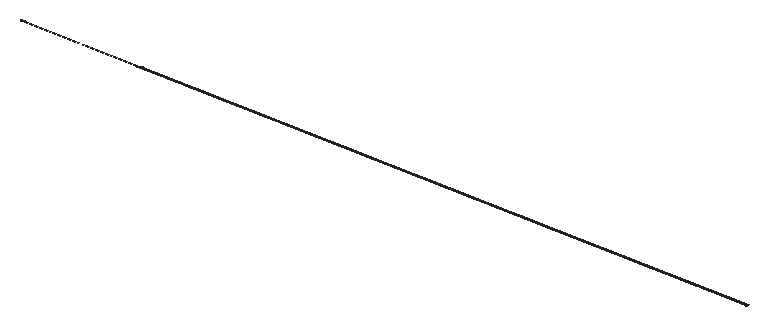
Revit family "0068176", category Lighting Fixtures, host Face, Revit 2017 (continued)
Forms (mm)
  Extrusion 66, solid
    sketch origin (2897.891, 0, 0) x (1, 0, 0) y (0, 1, 0)
      loop
        line (7.4, -1.7) -> (7.4, 1.7) -> (4.6, 1.7) -> (4.6, -1.7) -> (7.4, -1.7)
      loop
        line (15.7, -1.7) -> (15.7, 1.7) -> (12.9, 1.7) -> (12.9, -1.7) -> (15.7, -1.7)
      loop
        line (21.2, 1.7) -> (21.2, -1.7) -> (24, -1.7) -> (24, 1.7) -> (21.2, 1.7)
      loop
        line (32.3, -1.7) -> (32.3, 1.7) -> (29.5, 1.7) -> (29.5, -1.7) -> (32.3, -1.7)
      loop
        line (40.6, -1.7) -> (40.6, 1.7) -> (37.8, 1.7) -> (37.8, -1.7) -> (40.6, -1.7)
      loop
        line (48.9, -1.7) -> (48.9, 1.7) -> (46.1, 1.7) -> (46.1, -1.7) -> (48.9, -1.7)
    from -1.2 to 0
  Extrusion 67, solid
    sketch origin (2947.855, 0, 0) x (1, 0, 0) y (0, 1, 0)
      loop
        line (7.4, -1.7) -> (7.4, 1.7) -> (4.6, 1.7) -> (4.6, -1.7) -> (7.4, -1.7)
      loop
        line (15.7, -1.7) -> (15.7, 1.7) -> (12.9, 1.7) -> (12.9, -1.7) -> (15.7, -1.7)
      loop
        line (21.2, 1.7) -> (21.2, -1.7) -> (24, -1.7) -> (24, 1.7) -> (21.2, 1.7)
      loop
        line (32.3, -1.7) -> (32.3, 1.7) -> (29.5, 1.7) -> (29.5, -1.7) -> (32.3, -1.7)
      loop
        line (40.6, -1.7) -> (40.6, 1.7) -> (37.8, 1.7) -> (37.8, -1.7) -> (40.6, -1.7)
      loop
        line (48.9, -1.7) -> (48.9, 1.7) -> (46.1, 1.7) -> (46.1, -1.7) -> (48.9, -1.7)
    from -1.2 to 0
  Extrusion 68, solid
    sketch origin (2997.818, 0, 0) x (1, 0, 0) y (0, 1, 0)
      loop
        line (7.4, -1.7) -> (7.4, 1.7) -> (4.6, 1.7) -> (4.6, -1.7) -> (7.4, -1.7)
      loop
        line (15.7, -1.7) -> (15.7, 1.7) -> (12.9, 1.7) -> (12.9, -1.7) -> (15.7, -1.7)
      loop
        line (21.2, 1.7) -> (21.2, -1.7) -> (24, -1.7) -> (24, 1.7) -> (21.2, 1.7)
      loop
        line (32.3, -1.7) -> (32.3, 1.7) -> (29.5, 1.7) -> (29.5, -1.7) -> (32.3, -1.7)
      loop
        line (40.6, -1.7) -> (40.6, 1.7) -> (37.8, 1.7) -> (37.8, -1.7) -> (40.6, -1.7)
      loop
        line (48.9, -1.7) -> (48.9, 1.7) -> (46.1, 1.7) -> (46.1, -1.7) -> (48.9, -1.7)
    from -1.2 to 0
  Extrusion 69, solid
    sketch origin (3047.782, 0, 0) x (1, 0, 0) y (0, 1, 0)
      loop
        line (7.4, -1.7) -> (7.4, 1.7) -> (4.6, 1.7) -> (4.6, -1.7) -> (7.4, -1.7)
      loop
        line (15.7, -1.7) -> (15.7, 1.7) -> (12.9, 1.7) -> (12.9, -1.7) -> (15.7, -1.7)
      loop
        line (21.2, 1.7) -> (21.2, -1.7) -> (24, -1.7) -> (24, 1.7) -> (21.2, 1.7)
      loop
        line (32.3, -1.7) -> (32.3, 1.7) -> (29.5, 1.7) -> (29.5, -1.7) -> (32.3, -1.7)
      loop
        line (40.6, -1.7) -> (40.6, 1.7) -> (37.8, 1.7) -> (37.8, -1.7) -> (40.6, -1.7)
      loop
        line (48.9, -1.7) -> (48.9, 1.7) -> (46.1, 1.7) -> (46.1, -1.7) -> (48.9, -1.7)
    from -1.2 to 0
  Extrusion 70, solid
    sketch origin (3097.745, 0, 0) x (1, 0, 0) y (0, 1, 0)
      loop
        line (7.4, -1.7) -> (7.4, 1.7) -> (4.6, 1.7) -> (4.6, -1.7) -> (7.4, -1.7)
      loop
        line (15.7, -1.7) -> (15.7, 1.7) -> (12.9, 1.7) -> (12.9, -1.7) -> (15.7, -1.7)
      loop
        line (21.2, 1.7) -> (21.2, -1.7) -> (24, -1.7) -> (24, 1.7) -> (21.2, 1.7)
      loop
        line (32.3, -1.7) -> (32.3, 1.7) -> (29.5, 1.7) -> (29.5, -1.7) -> (32.3, -1.7)
      loop
        line (40.6, -1.7) -> (40.6, 1.7) -> (37.8, 1.7) -> (37.8, -1.7) -> (40.6, -1.7)
      loop
        line (48.9, -1.7) -> (48.9, 1.7) -> (46.1, 1.7) -> (46.1, -1.7) -> (48.9, -1.7)
    from -1.2 to 0
  Extrusion 71, solid
    sketch origin (3147.709, 0, 0) x (1, 0, 0) y (0, 1, 0)
      loop
        line (7.4, -1.7) -> (7.4, 1.7) -> (4.6, 1.7) -> (4.6, -1.7) -> (7.4, -1.7)
      loop
        line (15.7, -1.7) -> (15.7, 1.7) -> (12.9, 1.7) -> (12.9, -1.7) -> (15.7, -1.7)
      loop
        line (21.2, 1.7) -> (21.2, -1.7) -> (24, -1.7) -> (24, 1.7) -> (21.2, 1.7)
      loop
        line (32.3, -1.7) -> (32.3, 1.7) -> (29.5, 1.7) -> (29.5, -1.7) -> (32.3, -1.7)
      loop
        line (40.6, -1.7) -> (40.6, 1.7) -> (37.8, 1.7) -> (37.8, -1.7) -> (40.6, -1.7)
      loop
        line (48.9, -1.7) -> (48.9, 1.7) -> (46.1, 1.7) -> (46.1, -1.7) -> (48.9, -1.7)
    from -1.2 to 0
  Extrusion 72, solid
    sketch origin (3197.673, 0, 0) x (1, 0, 0) y (0, 1, 0)
      loop
        line (7.4, -1.7) -> (7.4, 1.7) -> (4.6, 1.7) -> (4.6, -1.7) -> (7.4, -1.7)
      loop
        line (15.7, -1.7) -> (15.7, 1.7) -> (12.9, 1.7) -> (12.9, -1.7) -> (15.7, -1.7)
      loop
        line (21.2, 1.7) -> (21.2, -1.7) -> (24, -1.7) -> (24, 1.7) -> (21.2, 1.7)
      loop
        line (32.3, -1.7) -> (32.3, 1.7) -> (29.5, 1.7) -> (29.5, -1.7) -> (32.3, -1.7)
      loop
        line (40.6, -1.7) -> (40.6, 1.7) -> (37.8, 1.7) -> (37.8, -1.7) -> (40.6, -1.7)
      loop
        line (48.9, -1.7) -> (48.9, 1.7) -> (46.1, 1.7) -> (46.1, -1.7) -> (48.9, -1.7)
    from -1.2 to 0
  Extrusion 73, solid
    sketch origin (3247.636, 0, 0) x (1, 0, 0) y (0, 1, 0)
      loop
        line (7.4, -1.7) -> (7.4, 1.7) -> (4.6, 1.7) -> (4.6, -1.7) -> (7.4, -1.7)
      loop
        line (15.7, -1.7) -> (15.7, 1.7) -> (12.9, 1.7) -> (12.9, -1.7) -> (15.7, -1.7)
      loop
        line (21.2, 1.7) -> (21.2, -1.7) -> (24, -1.7) -> (24, 1.7) -> (21.2, 1.7)
      loop
        line (32.3, -1.7) -> (32.3, 1.7) -> (29.5, 1.7) -> (29.5, -1.7) -> (32.3, -1.7)
      loop
        line (40.6, -1.7) -> (40.6, 1.7) -> (37.8, 1.7) -> (37.8, -1.7) -> (40.6, -1.7)
      loop
        line (48.9, -1.7) -> (48.9, 1.7) -> (46.1, 1.7) -> (46.1, -1.7) -> (48.9, -1.7)
    from -1.2 to 0
  Extrusion 74, solid
    sketch origin (3297.6, 0, 0) x (1, 0, 0) y (0, 1, 0)
      loop
        line (7.4, -1.7) -> (7.4, 1.7) -> (4.6, 1.7) -> (4.6, -1.7) -> (7.4, -1.7)
      loop
        line (15.7, -1.7) -> (15.7, 1.7) -> (12.9, 1.7) -> (12.9, -1.7) -> (15.7, -1.7)
      loop
        line (21.2, 1.7) -> (21.2, -1.7) -> (24, -1.7) -> (24, 1.7) -> (21.2, 1.7)
      loop
        line (32.3, -1.7) -> (32.3, 1.7) -> (29.5, 1.7) -> (29.5, -1.7) -> (32.3, -1.7)
      loop
        line (40.6, -1.7) -> (40.6, 1.7) -> (37.8, 1.7) -> (37.8, -1.7) -> (40.6, -1.7)
      loop
        line (48.9, -1.7) -> (48.9, 1.7) -> (46.1, 1.7) -> (46.1, -1.7) -> (48.9, -1.7)
    from -1.2 to 0
  Extrusion 75, solid
    sketch origin (3347.564, 0, 0) x (1, 0, 0) y (0, 1, 0)
      loop
        line (7.4, -1.7) -> (7.4, 1.7) -> (4.6, 1.7) -> (4.6, -1.7) -> (7.4, -1.7)
      loop
        line (15.7, -1.7) -> (15.7, 1.7) -> (12.9, 1.7) -> (12.9, -1.7) -> (15.7, -1.7)
      loop
        line (21.2, 1.7) -> (21.2, -1.7) -> (24, -1.7) -> (24, 1.7) -> (21.2, 1.7)
      loop
        line (32.3, -1.7) -> (32.3, 1.7) -> (29.5, 1.7) -> (29.5, -1.7) -> (32.3, -1.7)
      loop
        line (40.6, -1.7) -> (40.6, 1.7) -> (37.8, 1.7) -> (37.8, -1.7) -> (40.6, -1.7)
      loop
        line (48.9, -1.7) -> (48.9, 1.7) -> (46.1, 1.7) -> (46.1, -1.7) -> (48.9, -1.7)
    from -1.2 to 0
  Extrusion 76, solid
    sketch origin (3397.527, 0, 0) x (1, 0, 0) y (0, 1, 0)
      loop
        line (7.4, -1.7) -> (7.4, 1.7) -> (4.6, 1.7) -> (4.6, -1.7) -> (7.4, -1.7)
      loop
        line (15.7, -1.7) -> (15.7, 1.7) -> (12.9, 1.7) -> (12.9, -1.7) -> (15.7, -1.7)
      loop
        line (21.2, 1.7) -> (21.2, -1.7) -> (24, -1.7) -> (24, 1.7) -> (21.2, 1.7)
      loop
        line (32.3, -1.7) -> (32.3, 1.7) -> (29.5, 1.7) -> (29.5, -1.7) -> (32.3, -1.7)
      loop
        line (40.6, -1.7) -> (40.6, 1.7) -> (37.8, 1.7) -> (37.8, -1.7) -> (40.6, -1.7)
      loop
        line (48.9, -1.7) -> (48.9, 1.7) -> (46.1, 1.7) -> (46.1, -1.7) -> (48.9, -1.7)
    from -1.2 to 0
  Extrusion 77, solid
    sketch origin (3447.491, 0, 0) x (1, 0, 0) y (0, 1, 0)
      loop
        line (7.4, -1.7) -> (7.4, 1.7) -> (4.6, 1.7) -> (4.6, -1.7) -> (7.4, -1.7)
      loop
        line (15.7, -1.7) -> (15.7, 1.7) -> (12.9, 1.7) -> (12.9, -1.7) -> (15.7, -1.7)
      loop
        line (21.2, 1.7) -> (21.2, -1.7) -> (24, -1.7) -> (24, 1.7) -> (21.2, 1.7)
      loop
        line (32.3, -1.7) -> (32.3, 1.7) -> (29.5, 1.7) -> (29.5, -1.7) -> (32.3, -1.7)
      loop
        line (40.6, -1.7) -> (40.6, 1.7) -> (37.8, 1.7) -> (37.8, -1.7) -> (40.6, -1.7)
      loop
        line (48.9, -1.7) -> (48.9, 1.7) -> (46.1, 1.7) -> (46.1, -1.7) -> (48.9, -1.7)
    from -1.2 to 0
  Extrusion 78, solid
    sketch origin (3497.455, 0, 0) x (1, 0, 0) y (0, 1, 0)
      loop
        line (7.4, -1.7) -> (7.4, 1.7) -> (4.6, 1.7) -> (4.6, -1.7) -> (7.4, -1.7)
      loop
        line (15.7, -1.7) -> (15.7, 1.7) -> (12.9, 1.7) -> (12.9, -1.7) -> (15.7, -1.7)
      loop
        line (21.2, 1.7) -> (21.2, -1.7) -> (24, -1.7) -> (24, 1.7) -> (21.2, 1.7)
      loop
        line (32.3, -1.7) -> (32.3, 1.7) -> (29.5, 1.7) -> (29.5, -1.7) -> (32.3, -1.7)
      loop
        line (40.6, -1.7) -> (40.6, 1.7) -> (37.8, 1.7) -> (37.8, -1.7) -> (40.6, -1.7)
      loop
        line (48.9, -1.7) -> (48.9, 1.7) -> (46.1, 1.7) -> (46.1, -1.7) -> (48.9, -1.7)
    from -1.2 to 0
  Extrusion 79, solid
    sketch origin (3547.418, 0, 0) x (1, 0, 0) y (0, 1, 0)
      loop
        line (7.4, -1.7) -> (7.4, 1.7) -> (4.6, 1.7) -> (4.6, -1.7) -> (7.4, -1.7)
      loop
        line (15.7, -1.7) -> (15.7, 1.7) -> (12.9, 1.7) -> (12.9, -1.7) -> (15.7, -1.7)
      loop
        line (21.2, 1.7) -> (21.2, -1.7) -> (24, -1.7) -> (24, 1.7) -> (21.2, 1.7)
      loop
        line (32.3, -1.7) -> (32.3, 1.7) -> (29.5, 1.7) -> (29.5, -1.7) -> (32.3, -1.7)
      loop
        line (40.6, -1.7) -> (40.6, 1.7) -> (37.8, 1.7) -> (37.8, -1.7) -> (40.6, -1.7)
      loop
        line (48.9, -1.7) -> (48.9, 1.7) -> (46.1, 1.7) -> (46.1, -1.7) -> (48.9, -1.7)
    from -1.2 to 0
  Extrusion 80, solid
    sketch origin (3597.382, 0, 0) x (1, 0, 0) y (0, 1, 0)
      loop
        line (7.4, -1.7) -> (7.4, 1.7) -> (4.6, 1.7) -> (4.6, -1.7) -> (7.4, -1.7)
      loop
        line (15.7, -1.7) -> (15.7, 1.7) -> (12.9, 1.7) -> (12.9, -1.7) -> (15.7, -1.7)
      loop
        line (21.2, 1.7) -> (21.2, -1.7) -> (24, -1.7) -> (24, 1.7) -> (21.2, 1.7)
      loop
        line (32.3, -1.7) -> (32.3, 1.7) -> (29.5, 1.7) -> (29.5, -1.7) -> (32.3, -1.7)
      loop
        line (40.6, -1.7) -> (40.6, 1.7) -> (37.8, 1.7) -> (37.8, -1.7) -> (40.6, -1.7)
      loop
        line (48.9, -1.7) -> (48.9, 1.7) -> (46.1, 1.7) -> (46.1, -1.7) -> (48.9, -1.7)
    from -1.2 to 0
  Extrusion 81, solid
    sketch origin (3647.345, 0, 0) x (1, 0, 0) y (0, 1, 0)
      loop
        line (7.4, -1.7) -> (7.4, 1.7) -> (4.6, 1.7) -> (4.6, -1.7) -> (7.4, -1.7)
      loop
        line (15.7, -1.7) -> (15.7, 1.7) -> (12.9, 1.7) -> (12.9, -1.7) -> (15.7, -1.7)
      loop
        line (21.2, 1.7) -> (21.2, -1.7) -> (24, -1.7) -> (24, 1.7) -> (21.2, 1.7)
      loop
        line (32.3, -1.7) -> (32.3, 1.7) -> (29.5, 1.7) -> (29.5, -1.7) -> (32.3, -1.7)
      loop
        line (40.6, -1.7) -> (40.6, 1.7) -> (37.8, 1.7) -> (37.8, -1.7) -> (40.6, -1.7)
      loop
        line (48.9, -1.7) -> (48.9, 1.7) -> (46.1, 1.7) -> (46.1, -1.7) -> (48.9, -1.7)
    from -1.2 to 0
  Extrusion 82, solid
    sketch origin (3697.309, 0, 0) x (1, 0, 0) y (0, 1, 0)
      loop
        line (7.4, -1.7) -> (7.4, 1.7) -> (4.6, 1.7) -> (4.6, -1.7) -> (7.4, -1.7)
      loop
        line (15.7, -1.7) -> (15.7, 1.7) -> (12.9, 1.7) -> (12.9, -1.7) -> (15.7, -1.7)
      loop
        line (21.2, 1.7) -> (21.2, -1.7) -> (24, -1.7) -> (24, 1.7) -> (21.2, 1.7)
      loop
        line (32.3, -1.7) -> (32.3, 1.7) -> (29.5, 1.7) -> (29.5, -1.7) -> (32.3, -1.7)
      loop
        line (40.6, -1.7) -> (40.6, 1.7) -> (37.8, 1.7) -> (37.8, -1.7) -> (40.6, -1.7)
      loop
        line (48.9, -1.7) -> (48.9, 1.7) -> (46.1, 1.7) -> (46.1, -1.7) -> (48.9, -1.7)
    from -1.2 to 0
  Extrusion 83, solid
    sketch origin (3747.273, 0, 0) x (1, 0, 0) y (0, 1, 0)
      loop
        line (7.4, -1.7) -> (7.4, 1.7) -> (4.6, 1.7) -> (4.6, -1.7) -> (7.4, -1.7)
      loop
        line (15.7, -1.7) -> (15.7, 1.7) -> (12.9, 1.7) -> (12.9, -1.7) -> (15.7, -1.7)
      loop
        line (21.2, 1.7) -> (21.2, -1.7) -> (24, -1.7) -> (24, 1.7) -> (21.2, 1.7)
      loop
        line (32.3, -1.7) -> (32.3, 1.7) -> (29.5, 1.7) -> (29.5, -1.7) -> (32.3, -1.7)
      loop
        line (40.6, -1.7) -> (40.6, 1.7) -> (37.8, 1.7) -> (37.8, -1.7) -> (40.6, -1.7)
      loop
        line (48.9, -1.7) -> (48.9, 1.7) -> (46.1, 1.7) -> (46.1, -1.7) -> (48.9, -1.7)
    from -1.2 to 0
  Extrusion 84, solid
    sketch origin (3797.236, 0, 0) x (1, 0, 0) y (0, 1, 0)
      loop
        line (7.4, -1.7) -> (7.4, 1.7) -> (4.6, 1.7) -> (4.6, -1.7) -> (7.4, -1.7)
      loop
        line (15.7, -1.7) -> (15.7, 1.7) -> (12.9, 1.7) -> (12.9, -1.7) -> (15.7, -1.7)
      loop
        line (21.2, 1.7) -> (21.2, -1.7) -> (24, -1.7) -> (24, 1.7) -> (21.2, 1.7)
      loop
        line (32.3, -1.7) -> (32.3, 1.7) -> (29.5, 1.7) -> (29.5, -1.7) -> (32.3, -1.7)
      loop
        line (40.6, -1.7) -> (40.6, 1.7) -> (37.8, 1.7) -> (37.8, -1.7) -> (40.6, -1.7)
      loop
        line (48.9, -1.7) -> (48.9, 1.7) -> (46.1, 1.7) -> (46.1, -1.7) -> (48.9, -1.7)
    from -1.2 to 0
  Extrusion 85, solid
    sketch origin (3847.2, 0, 0) x (1, 0, 0) y (0, 1, 0)
      loop
        line (7.4, -1.7) -> (7.4, 1.7) -> (4.6, 1.7) -> (4.6, -1.7) -> (7.4, -1.7)
      loop
        line (15.7, -1.7) -> (15.7, 1.7) -> (12.9, 1.7) -> (12.9, -1.7) -> (15.7, -1.7)
      loop
        line (21.2, 1.7) -> (21.2, -1.7) -> (24, -1.7) -> (24, 1.7) -> (21.2, 1.7)
      loop
        line (32.3, -1.7) -> (32.3, 1.7) -> (29.5, 1.7) -> (29.5, -1.7) -> (32.3, -1.7)
      loop
        line (40.6, -1.7) -> (40.6, 1.7) -> (37.8, 1.7) -> (37.8, -1.7) -> (40.6, -1.7)
      loop
        line (48.9, -1.7) -> (48.9, 1.7) -> (46.1, 1.7) -> (46.1, -1.7) -> (48.9, -1.7)
    from -1.2 to 0
  Extrusion 86, solid
    sketch origin (3897.164, 0, 0) x (1, 0, 0) y (0, 1, 0)
      loop
        line (7.4, -1.7) -> (7.4, 1.7) -> (4.6, 1.7) -> (4.6, -1.7) -> (7.4, -1.7)
      loop
        line (15.7, -1.7) -> (15.7, 1.7) -> (12.9, 1.7) -> (12.9, -1.7) -> (15.7, -1.7)
      loop
        line (21.2, 1.7) -> (21.2, -1.7) -> (24, -1.7) -> (24, 1.7) -> (21.2, 1.7)
      loop
        line (32.3, -1.7) -> (32.3, 1.7) -> (29.5, 1.7) -> (29.5, -1.7) -> (32.3, -1.7)
      loop
        line (40.6, -1.7) -> (40.6, 1.7) -> (37.8, 1.7) -> (37.8, -1.7) -> (40.6, -1.7)
      loop
        line (48.9, -1.7) -> (48.9, 1.7) -> (46.1, 1.7) -> (46.1, -1.7) -> (48.9, -1.7)
    from -1.2 to 0
  Extrusion 87, solid
    sketch origin (3947.127, 0, 0) x (1, 0, 0) y (0, 1, 0)
      loop
        line (7.4, -1.7) -> (7.4, 1.7) -> (4.6, 1.7) -> (4.6, -1.7) -> (7.4, -1.7)
      loop
        line (15.7, -1.7) -> (15.7, 1.7) -> (12.9, 1.7) -> (12.9, -1.7) -> (15.7, -1.7)
      loop
        line (21.2, 1.7) -> (21.2, -1.7) -> (24, -1.7) -> (24, 1.7) -> (21.2, 1.7)
      loop
        line (32.3, -1.7) -> (32.3, 1.7) -> (29.5, 1.7) -> (29.5, -1.7) -> (32.3, -1.7)
      loop
        line (40.6, -1.7) -> (40.6, 1.7) -> (37.8, 1.7) -> (37.8, -1.7) -> (40.6, -1.7)
      loop
        line (48.9, -1.7) -> (48.9, 1.7) -> (46.1, 1.7) -> (46.1, -1.7) -> (48.9, -1.7)
    from -1.2 to 0
  Extrusion 88, solid
    sketch origin (3997.091, 0, 0) x (1, 0, 0) y (0, 1, 0)
      loop
        line (7.4, -1.7) -> (7.4, 1.7) -> (4.6, 1.7) -> (4.6, -1.7) -> (7.4, -1.7)
      loop
        line (15.7, -1.7) -> (15.7, 1.7) -> (12.9, 1.7) -> (12.9, -1.7) -> (15.7, -1.7)
      loop
        line (21.2, 1.7) -> (21.2, -1.7) -> (24, -1.7) -> (24, 1.7) -> (21.2, 1.7)
      loop
        line (32.3, -1.7) -> (32.3, 1.7) -> (29.5, 1.7) -> (29.5, -1.7) -> (32.3, -1.7)
      loop
        line (40.6, -1.7) -> (40.6, 1.7) -> (37.8, 1.7) -> (37.8, -1.7) -> (40.6, -1.7)
      loop
        line (48.9, -1.7) -> (48.9, 1.7) -> (46.1, 1.7) -> (46.1, -1.7) -> (48.9, -1.7)
    from -1.2 to 0
  Extrusion 89, solid
    sketch origin (4047.055, 0, 0) x (1, 0, 0) y (0, 1, 0)
      loop
        line (7.4, -1.7) -> (7.4, 1.7) -> (4.6, 1.7) -> (4.6, -1.7) -> (7.4, -1.7)
      loop
        line (15.7, -1.7) -> (15.7, 1.7) -> (12.9, 1.7) -> (12.9, -1.7) -> (15.7, -1.7)
      loop
        line (21.2, 1.7) -> (21.2, -1.7) -> (24, -1.7) -> (24, 1.7) -> (21.2, 1.7)
      loop
        line (32.3, -1.7) -> (32.3, 1.7) -> (29.5, 1.7) -> (29.5, -1.7) -> (32.3, -1.7)
      loop
        line (40.6, -1.7) -> (40.6, 1.7) -> (37.8, 1.7) -> (37.8, -1.7) -> (40.6, -1.7)
      loop
        line (48.9, -1.7) -> (48.9, 1.7) -> (46.1, 1.7) -> (46.1, -1.7) -> (48.9, -1.7)
    from -1.2 to 0
  Extrusion 90, solid
    sketch origin (4097.018, 0, 0) x (1, 0, 0) y (0, 1, 0)
      loop
        line (7.4, -1.7) -> (7.4, 1.7) -> (4.6, 1.7) -> (4.6, -1.7) -> (7.4, -1.7)
      loop
        line (15.7, -1.7) -> (15.7, 1.7) -> (12.9, 1.7) -> (12.9, -1.7) -> (15.7, -1.7)
      loop
        line (21.2, 1.7) -> (21.2, -1.7) -> (24, -1.7) -> (24, 1.7) -> (21.2, 1.7)
      loop
        line (32.3, -1.7) -> (32.3, 1.7) -> (29.5, 1.7) -> (29.5, -1.7) -> (32.3, -1.7)
      loop
        line (40.6, -1.7) -> (40.6, 1.7) -> (37.8, 1.7) -> (37.8, -1.7) -> (40.6, -1.7)
      loop
        line (48.9, -1.7) -> (48.9, 1.7) -> (46.1, 1.7) -> (46.1, -1.7) -> (48.9, -1.7)
    from -1.2 to 0
  Extrusion 91, solid
    sketch origin (4146.982, 0, 0) x (1, 0, 0) y (0, 1, 0)
      loop
        line (7.4, -1.7) -> (7.4, 1.7) -> (4.6, 1.7) -> (4.6, -1.7) -> (7.4, -1.7)
      loop
        line (15.7, -1.7) -> (15.7, 1.7) -> (12.9, 1.7) -> (12.9, -1.7) -> (15.7, -1.7)
      loop
        line (21.2, 1.7) -> (21.2, -1.7) -> (24, -1.7) -> (24, 1.7) -> (21.2, 1.7)
      loop
        line (32.3, -1.7) -> (32.3, 1.7) -> (29.5, 1.7) -> (29.5, -1.7) -> (32.3, -1.7)
      loop
        line (40.6, -1.7) -> (40.6, 1.7) -> (37.8, 1.7) -> (37.8, -1.7) -> (40.6, -1.7)
      loop
        line (48.9, -1.7) -> (48.9, 1.7) -> (46.1, 1.7) -> (46.1, -1.7) -> (48.9, -1.7)
    from -1.2 to 0
  Extrusion 92, solid
    sketch origin (4196.945, 0, 0) x (1, 0, 0) y (0, 1, 0)
      loop
        line (7.4, -1.7) -> (7.4, 1.7) -> (4.6, 1.7) -> (4.6, -1.7) -> (7.4, -1.7)
      loop
        line (15.7, -1.7) -> (15.7, 1.7) -> (12.9, 1.7) -> (12.9, -1.7) -> (15.7, -1.7)
      loop
        line (21.2, 1.7) -> (21.2, -1.7) -> (24, -1.7) -> (24, 1.7) -> (21.2, 1.7)
      loop
        line (32.3, -1.7) -> (32.3, 1.7) -> (29.5, 1.7) -> (29.5, -1.7) -> (32.3, -1.7)
      loop
        line (40.6, -1.7) -> (40.6, 1.7) -> (37.8, 1.7) -> (37.8, -1.7) -> (40.6, -1.7)
      loop
        line (48.9, -1.7) -> (48.9, 1.7) -> (46.1, 1.7) -> (46.1, -1.7) -> (48.9, -1.7)
    from -1.2 to 0
  Extrusion 93, solid
    sketch origin (4246.909, 0, 0) x (1, 0, 0) y (0, 1, 0)
      loop
        line (7.4, -1.7) -> (7.4, 1.7) -> (4.6, 1.7) -> (4.6, -1.7) -> (7.4, -1.7)
      loop
        line (15.7, -1.7) -> (15.7, 1.7) -> (12.9, 1.7) -> (12.9, -1.7) -> (15.7, -1.7)
      loop
        line (21.2, 1.7) -> (21.2, -1.7) -> (24, -1.7) -> (24, 1.7) -> (21.2, 1.7)
      loop
        line (32.3, -1.7) -> (32.3, 1.7) -> (29.5, 1.7) -> (29.5, -1.7) -> (32.3, -1.7)
      loop
        line (40.6, -1.7) -> (40.6, 1.7) -> (37.8, 1.7) -> (37.8, -1.7) -> (40.6, -1.7)
      loop
        line (48.9, -1.7) -> (48.9, 1.7) -> (46.1, 1.7) -> (46.1, -1.7) -> (48.9, -1.7)
    from -1.2 to 0
  Extrusion 94, solid
    sketch origin (4296.873, 0, 0) x (1, 0, 0) y (0, 1, 0)
      loop
        line (7.4, -1.7) -> (7.4, 1.7) -> (4.6, 1.7) -> (4.6, -1.7) -> (7.4, -1.7)
      loop
        line (15.7, -1.7) -> (15.7, 1.7) -> (12.9, 1.7) -> (12.9, -1.7) -> (15.7, -1.7)
      loop
        line (21.2, 1.7) -> (21.2, -1.7) -> (24, -1.7) -> (24, 1.7) -> (21.2, 1.7)
      loop
        line (32.3, -1.7) -> (32.3, 1.7) -> (29.5, 1.7) -> (29.5, -1.7) -> (32.3, -1.7)
      loop
        line (40.6, -1.7) -> (40.6, 1.7) -> (37.8, 1.7) -> (37.8, -1.7) -> (40.6, -1.7)
      loop
        line (48.9, -1.7) -> (48.9, 1.7) -> (46.1, 1.7) -> (46.1, -1.7) -> (48.9, -1.7)
    from -1.2 to 0
  Extrusion 95, solid
    sketch origin (4346.836, 0, 0) x (1, 0, 0) y (0, 1, 0)
      loop
        line (7.4, -1.7) -> (7.4, 1.7) -> (4.6, 1.7) -> (4.6, -1.7) -> (7.4, -1.7)
      loop
        line (15.7, -1.7) -> (15.7, 1.7) -> (12.9, 1.7) -> (12.9, -1.7) -> (15.7, -1.7)
      loop
        line (21.2, 1.7) -> (21.2, -1.7) -> (24, -1.7) -> (24, 1.7) -> (21.2, 1.7)
      loop
        line (32.3, -1.7) -> (32.3, 1.7) -> (29.5, 1.7) -> (29.5, -1.7) -> (32.3, -1.7)
      loop
        line (40.6, -1.7) -> (40.6, 1.7) -> (37.8, 1.7) -> (37.8, -1.7) -> (40.6, -1.7)
      loop
        line (48.9, -1.7) -> (48.9, 1.7) -> (46.1, 1.7) -> (46.1, -1.7) -> (48.9, -1.7)
    from -1.2 to 0
  Extrusion 96, solid
    sketch origin (4396.8, 0, 0) x (1, 0, 0) y (0, 1, 0)
      loop
        line (7.4, -1.7) -> (7.4, 1.7) -> (4.6, 1.7) -> (4.6, -1.7) -> (7.4, -1.7)
      loop
        line (15.7, -1.7) -> (15.7, 1.7) -> (12.9, 1.7) -> (12.9, -1.7) -> (15.7, -1.7)
      loop
        line (21.2, 1.7) -> (21.2, -1.7) -> (24, -1.7) -> (24, 1.7) -> (21.2, 1.7)
      loop
        line (32.3, -1.7) -> (32.3, 1.7) -> (29.5, 1.7) -> (29.5, -1.7) -> (32.3, -1.7)
      loop
        line (40.6, -1.7) -> (40.6, 1.7) -> (37.8, 1.7) -> (37.8, -1.7) -> (40.6, -1.7)
      loop
        line (48.9, -1.7) -> (48.9, 1.7) -> (46.1, 1.7) -> (46.1, -1.7) -> (48.9, -1.7)
    from -1.2 to 0
  Extrusion 97, solid
    sketch origin (4446.764, 0, 0) x (1, 0, 0) y (0, 1, 0)
      loop
        line (7.4, -1.7) -> (7.4, 1.7) -> (4.6, 1.7) -> (4.6, -1.7) -> (7.4, -1.7)
      loop
        line (15.7, -1.7) -> (15.7, 1.7) -> (12.9, 1.7) -> (12.9, -1.7) -> (15.7, -1.7)
      loop
        line (21.2, 1.7) -> (21.2, -1.7) -> (24, -1.7) -> (24, 1.7) -> (21.2, 1.7)
      loop
        line (32.3, -1.7) -> (32.3, 1.7) -> (29.5, 1.7) -> (29.5, -1.7) -> (32.3, -1.7)
      loop
        line (40.6, -1.7) -> (40.6, 1.7) -> (37.8, 1.7) -> (37.8, -1.7) -> (40.6, -1.7)
      loop
        line (48.9, -1.7) -> (48.9, 1.7) -> (46.1, 1.7) -> (46.1, -1.7) -> (48.9, -1.7)
    from -1.2 to 0
  Extrusion 98, solid
    sketch origin (4496.727, 0, 0) x (1, 0, 0) y (0, 1, 0)
      loop
        line (7.4, -1.7) -> (7.4, 1.7) -> (4.6, 1.7) -> (4.6, -1.7) -> (7.4, -1.7)
      loop
        line (15.7, -1.7) -> (15.7, 1.7) -> (12.9, 1.7) -> (12.9, -1.7) -> (15.7, -1.7)
      loop
        line (21.2, 1.7) -> (21.2, -1.7) -> (24, -1.7) -> (24, 1.7) -> (21.2, 1.7)
      loop
        line (32.3, -1.7) -> (32.3, 1.7) -> (29.5, 1.7) -> (29.5, -1.7) -> (32.3, -1.7)
      loop
        line (40.6, -1.7) -> (40.6, 1.7) -> (37.8, 1.7) -> (37.8, -1.7) -> (40.6, -1.7)
      loop
        line (48.9, -1.7) -> (48.9, 1.7) -> (46.1, 1.7) -> (46.1, -1.7) -> (48.9, -1.7)
    from -1.2 to 0
  Extrusion 99, solid
    sketch origin (4546.691, 0, 0) x (1, 0, 0) y (0, 1, 0)
      loop
        line (7.4, -1.7) -> (7.4, 1.7) -> (4.6, 1.7) -> (4.6, -1.7) -> (7.4, -1.7)
      loop
        line (15.7, -1.7) -> (15.7, 1.7) -> (12.9, 1.7) -> (12.9, -1.7) -> (15.7, -1.7)
      loop
        line (21.2, 1.7) -> (21.2, -1.7) -> (24, -1.7) -> (24, 1.7) -> (21.2, 1.7)
      loop
        line (32.3, -1.7) -> (32.3, 1.7) -> (29.5, 1.7) -> (29.5, -1.7) -> (32.3, -1.7)
      loop
        line (40.6, -1.7) -> (40.6, 1.7) -> (37.8, 1.7) -> (37.8, -1.7) -> (40.6, -1.7)
      loop
        line (48.9, -1.7) -> (48.9, 1.7) -> (46.1, 1.7) -> (46.1, -1.7) -> (48.9, -1.7)
    from -1.2 to 0
  Extrusion 100, solid
    sketch origin (4596.655, 0, 0) x (1, 0, 0) y (0, 1, 0)
      loop
        line (7.4, -1.7) -> (7.4, 1.7) -> (4.6, 1.7) -> (4.6, -1.7) -> (7.4, -1.7)
      loop
        line (15.7, -1.7) -> (15.7, 1.7) -> (12.9, 1.7) -> (12.9, -1.7) -> (15.7, -1.7)
      loop
        line (21.2, 1.7) -> (21.2, -1.7) -> (24, -1.7) -> (24, 1.7) -> (21.2, 1.7)
      loop
        line (32.3, -1.7) -> (32.3, 1.7) -> (29.5, 1.7) -> (29.5, -1.7) -> (32.3, -1.7)
      loop
        line (40.6, -1.7) -> (40.6, 1.7) -> (37.8, 1.7) -> (37.8, -1.7) -> (40.6, -1.7)
      loop
        line (48.9, -1.7) -> (48.9, 1.7) -> (46.1, 1.7) -> (46.1, -1.7) -> (48.9, -1.7)
    from -1.2 to 0
  Extrusion 101, solid
    sketch origin (4646.618, 0, 0) x (1, 0, 0) y (0, 1, 0)
      loop
        line (7.4, -1.7) -> (7.4, 1.7) -> (4.6, 1.7) -> (4.6, -1.7) -> (7.4, -1.7)
      loop
        line (15.7, -1.7) -> (15.7, 1.7) -> (12.9, 1.7) -> (12.9, -1.7) -> (15.7, -1.7)
      loop
        line (21.2, 1.7) -> (21.2, -1.7) -> (24, -1.7) -> (24, 1.7) -> (21.2, 1.7)
      loop
        line (32.3, -1.7) -> (32.3, 1.7) -> (29.5, 1.7) -> (29.5, -1.7) -> (32.3, -1.7)
      loop
        line (40.6, -1.7) -> (40.6, 1.7) -> (37.8, 1.7) -> (37.8, -1.7) -> (40.6, -1.7)
      loop
        line (48.9, -1.7) -> (48.9, 1.7) -> (46.1, 1.7) -> (46.1, -1.7) -> (48.9, -1.7)
    from -1.2 to 0
  Extrusion 102, solid
    sketch origin (4696.582, 0, 0) x (1, 0, 0) y (0, 1, 0)
      loop
        line (7.4, -1.7) -> (7.4, 1.7) -> (4.6, 1.7) -> (4.6, -1.7) -> (7.4, -1.7)
      loop
        line (15.7, -1.7) -> (15.7, 1.7) -> (12.9, 1.7) -> (12.9, -1.7) -> (15.7, -1.7)
      loop
        line (21.2, 1.7) -> (21.2, -1.7) -> (24, -1.7) -> (24, 1.7) -> (21.2, 1.7)
      loop
        line (32.3, -1.7) -> (32.3, 1.7) -> (29.5, 1.7) -> (29.5, -1.7) -> (32.3, -1.7)
      loop
        line (40.6, -1.7) -> (40.6, 1.7) -> (37.8, 1.7) -> (37.8, -1.7) -> (40.6, -1.7)
      loop
        line (48.9, -1.7) -> (48.9, 1.7) -> (46.1, 1.7) -> (46.1, -1.7) -> (48.9, -1.7)
    from -1.2 to 0
  Extrusion 103, solid
    sketch origin (4746.545, 0, 0) x (1, 0, 0) y (0, 1, 0)
      loop
        line (7.4, -1.7) -> (7.4, 1.7) -> (4.6, 1.7) -> (4.6, -1.7) -> (7.4, -1.7)
      loop
        line (15.7, -1.7) -> (15.7, 1.7) -> (12.9, 1.7) -> (12.9, -1.7) -> (15.7, -1.7)
      loop
        line (21.2, 1.7) -> (21.2, -1.7) -> (24, -1.7) -> (24, 1.7) -> (21.2, 1.7)
      loop
        line (32.3, -1.7) -> (32.3, 1.7) -> (29.5, 1.7) -> (29.5, -1.7) -> (32.3, -1.7)
      loop
        line (40.6, -1.7) -> (40.6, 1.7) -> (37.8, 1.7) -> (37.8, -1.7) -> (40.6, -1.7)
      loop
        line (48.9, -1.7) -> (48.9, 1.7) -> (46.1, 1.7) -> (46.1, -1.7) -> (48.9, -1.7)
    from -1.2 to 0
  Extrusion 104, solid
    sketch origin (4796.509, 0, 0) x (1, 0, 0) y (0, 1, 0)
      loop
        line (7.4, -1.7) -> (7.4, 1.7) -> (4.6, 1.7) -> (4.6, -1.7) -> (7.4, -1.7)
      loop
        line (15.7, -1.7) -> (15.7, 1.7) -> (12.9, 1.7) -> (12.9, -1.7) -> (15.7, -1.7)
      loop
        line (21.2, 1.7) -> (21.2, -1.7) -> (24, -1.7) -> (24, 1.7) -> (21.2, 1.7)
      loop
        line (32.3, -1.7) -> (32.3, 1.7) -> (29.5, 1.7) -> (29.5, -1.7) -> (32.3, -1.7)
      loop
        line (40.6, -1.7) -> (40.6, 1.7) -> (37.8, 1.7) -> (37.8, -1.7) -> (40.6, -1.7)
      loop
        line (48.9, -1.7) -> (48.9, 1.7) -> (46.1, 1.7) -> (46.1, -1.7) -> (48.9, -1.7)
    from -1.2 to 0
  Extrusion 105, solid
    sketch origin (4846.473, 0, 0) x (1, 0, 0) y (0, 1, 0)
      loop
        line (7.4, -1.7) -> (7.4, 1.7) -> (4.6, 1.7) -> (4.6, -1.7) -> (7.4, -1.7)
      loop
        line (15.7, -1.7) -> (15.7, 1.7) -> (12.9, 1.7) -> (12.9, -1.7) -> (15.7, -1.7)
      loop
        line (21.2, 1.7) -> (21.2, -1.7) -> (24, -1.7) -> (24, 1.7) -> (21.2, 1.7)
      loop
        line (32.3, -1.7) -> (32.3, 1.7) -> (29.5, 1.7) -> (29.5, -1.7) -> (32.3, -1.7)
      loop
        line (40.6, -1.7) -> (40.6, 1.7) -> (37.8, 1.7) -> (37.8, -1.7) -> (40.6, -1.7)
      loop
        line (48.9, -1.7) -> (48.9, 1.7) -> (46.1, 1.7) -> (46.1, -1.7) -> (48.9, -1.7)
    from -1.2 to 0
  Extrusion 106, solid
    sketch origin (4896.436, 0, 0) x (1, 0, 0) y (0, 1, 0)
      loop
        line (7.4, -1.7) -> (7.4, 1.7) -> (4.6, 1.7) -> (4.6, -1.7) -> (7.4, -1.7)
      loop
        line (15.7, -1.7) -> (15.7, 1.7) -> (12.9, 1.7) -> (12.9, -1.7) -> (15.7, -1.7)
      loop
        line (21.2, 1.7) -> (21.2, -1.7) -> (24, -1.7) -> (24, 1.7) -> (21.2, 1.7)
      loop
        line (32.3, -1.7) -> (32.3, 1.7) -> (29.5, 1.7) -> (29.5, -1.7) -> (32.3, -1.7)
      loop
        line (40.6, -1.7) -> (40.6, 1.7) -> (37.8, 1.7) -> (37.8, -1.7) -> (40.6, -1.7)
      loop
        line (48.9, -1.7) -> (48.9, 1.7) -> (46.1, 1.7) -> (46.1, -1.7) -> (48.9, -1.7)
    from -1.2 to 0
  Extrusion 107, solid
    sketch origin (4946.4, 0, 0) x (1, 0, 0) y (0, 1, 0)
      loop
        line (9.1, 1.5) -> (9.1, -1.5) -> (11.2, -1.5) -> (11.2, 1.5) -> (9.1, 1.5)
      loop
        line (17.4, 1.5) -> (17.4, -1.5) -> (19.5, -1.5) -> (19.5, 1.5) -> (17.4, 1.5)
      loop
        line (34, 1.5) -> (34, -1.5) -> (36.1, -1.5) -> (36.1, 1.5) -> (34, 1.5)
      loop
        line (42.3, 1.5) -> (42.3, -1.5) -> (44.4, -1.5) -> (44.4, 1.5) -> (42.3, 1.5)
    from -1.2 to -0.5
  Extrusion 108, solid
    sketch origin (49.964, 0, 0) x (1, 0, 0) y (0, 1, 0)
      loop
        line (9.1, 1.5) -> (9.1, -1.5) -> (11.2, -1.5) -> (11.2, 1.5) -> (9.1, 1.5)
      loop
        line (17.4, 1.5) -> (17.4, -1.5) -> (19.5, -1.5) -> (19.5, 1.5) -> (17.4, 1.5)
      loop
        line (34, 1.5) -> (34, -1.5) -> (36.1, -1.5) -> (36.1, 1.5) -> (34, 1.5)
      loop
        line (42.3, 1.5) -> (42.3, -1.5) -> (44.4, -1.5) -> (44.4, 1.5) -> (42.3, 1.5)
    from -1.2 to -0.5
  Extrusion 109, solid
    sketch origin (99.927, 0, 0) x (1, 0, 0) y (0, 1, 0)
      loop
        line (9.1, 1.5) -> (9.1, -1.5) -> (11.2, -1.5) -> (11.2, 1.5) -> (9.1, 1.5)
      loop
        line (17.4, 1.5) -> (17.4, -1.5) -> (19.5, -1.5) -> (19.5, 1.5) -> (17.4, 1.5)
      loop
        line (34, 1.5) -> (34, -1.5) -> (36.1, -1.5) -> (36.1, 1.5) -> (34, 1.5)
      loop
        line (42.3, 1.5) -> (42.3, -1.5) -> (44.4, -1.5) -> (44.4, 1.5) -> (42.3, 1.5)
    from -1.2 to -0.5
  Extrusion 110, solid
    sketch origin (149.891, 0, 0) x (1, 0, 0) y (0, 1, 0)
      loop
        line (9.1, 1.5) -> (9.1, -1.5) -> (11.2, -1.5) -> (11.2, 1.5) -> (9.1, 1.5)
      loop
        line (17.4, 1.5) -> (17.4, -1.5) -> (19.5, -1.5) -> (19.5, 1.5) -> (17.4, 1.5)
      loop
        line (34, 1.5) -> (34, -1.5) -> (36.1, -1.5) -> (36.1, 1.5) -> (34, 1.5)
      loop
        line (42.3, 1.5) -> (42.3, -1.5) -> (44.4, -1.5) -> (44.4, 1.5) -> (42.3, 1.5)
    from -1.2 to -0.5
  Extrusion 111, solid
    sketch origin (199.855, 0, 0) x (1, 0, 0) y (0, 1, 0)
      loop
        line (9.1, 1.5) -> (9.1, -1.5) -> (11.2, -1.5) -> (11.2, 1.5) -> (9.1, 1.5)
      loop
        line (17.4, 1.5) -> (17.4, -1.5) -> (19.5, -1.5) -> (19.5, 1.5) -> (17.4, 1.5)
      loop
        line (34, 1.5) -> (34, -1.5) -> (36.1, -1.5) -> (36.1, 1.5) -> (34, 1.5)
      loop
        line (42.3, 1.5) -> (42.3, -1.5) -> (44.4, -1.5) -> (44.4, 1.5) -> (42.3, 1.5)
    from -1.2 to -0.5
  Extrusion 112, solid
    sketch origin (249.818, 0, 0) x (1, 0, 0) y (0, 1, 0)
      loop
        line (9.1, 1.5) -> (9.1, -1.5) -> (11.2, -1.5) -> (11.2, 1.5) -> (9.1, 1.5)
      loop
        line (17.4, 1.5) -> (17.4, -1.5) -> (19.5, -1.5) -> (19.5, 1.5) -> (17.4, 1.5)
      loop
        line (34, 1.5) -> (34, -1.5) -> (36.1, -1.5) -> (36.1, 1.5) -> (34, 1.5)
      loop
        line (42.3, 1.5) -> (42.3, -1.5) -> (44.4, -1.5) -> (44.4, 1.5) -> (42.3, 1.5)
    from -1.2 to -0.5
  Extrusion 113, solid
    sketch origin (299.782, 0, 0) x (1, 0, 0) y (0, 1, 0)
      loop
        line (9.1, 1.5) -> (9.1, -1.5) -> (11.2, -1.5) -> (11.2, 1.5) -> (9.1, 1.5)
      loop
        line (17.4, 1.5) -> (17.4, -1.5) -> (19.5, -1.5) -> (19.5, 1.5) -> (17.4, 1.5)
      loop
        line (34, 1.5) -> (34, -1.5) -> (36.1, -1.5) -> (36.1, 1.5) -> (34, 1.5)
      loop
        line (42.3, 1.5) -> (42.3, -1.5) -> (44.4, -1.5) -> (44.4, 1.5) -> (42.3, 1.5)
    from -1.2 to -0.5
  Extrusion 114, solid
    sketch origin (349.745, 0, 0) x (1, 0, 0) y (0, 1, 0)
      loop
        line (9.1, 1.5) -> (9.1, -1.5) -> (11.2, -1.5) -> (11.2, 1.5) -> (9.1, 1.5)
      loop
        line (17.4, 1.5) -> (17.4, -1.5) -> (19.5, -1.5) -> (19.5, 1.5) -> (17.4, 1.5)
      loop
        line (34, 1.5) -> (34, -1.5) -> (36.1, -1.5) -> (36.1, 1.5) -> (34, 1.5)
      loop
        line (42.3, 1.5) -> (42.3, -1.5) -> (44.4, -1.5) -> (44.4, 1.5) -> (42.3, 1.5)
    from -1.2 to -0.5
  Extrusion 115, solid
    sketch origin (399.709, 0, 0) x (1, 0, 0) y (0, 1, 0)
      loop
        line (9.1, 1.5) -> (9.1, -1.5) -> (11.2, -1.5) -> (11.2, 1.5) -> (9.1, 1.5)
      loop
        line (17.4, 1.5) -> (17.4, -1.5) -> (19.5, -1.5) -> (19.5, 1.5) -> (17.4, 1.5)
      loop
        line (34, 1.5) -> (34, -1.5) -> (36.1, -1.5) -> (36.1, 1.5) -> (34, 1.5)
      loop
        line (42.3, 1.5) -> (42.3, -1.5) -> (44.4, -1.5) -> (44.4, 1.5) -> (42.3, 1.5)
    from -1.2 to -0.5
  Extrusion 116, solid
    sketch origin (449.673, 0, 0) x (1, 0, 0) y (0, 1, 0)
      loop
        line (9.1, 1.5) -> (9.1, -1.5) -> (11.2, -1.5) -> (11.2, 1.5) -> (9.1, 1.5)
      loop
        line (17.4, 1.5) -> (17.4, -1.5) -> (19.5, -1.5) -> (19.5, 1.5) -> (17.4, 1.5)
      loop
        line (34, 1.5) -> (34, -1.5) -> (36.1, -1.5) -> (36.1, 1.5) -> (34, 1.5)
      loop
        line (42.3, 1.5) -> (42.3, -1.5) -> (44.4, -1.5) -> (44.4, 1.5) -> (42.3, 1.5)
    from -1.2 to -0.5
  Extrusion 117, solid
    sketch origin (499.636, 0, 0) x (1, 0, 0) y (0, 1, 0)
      loop
        line (9.1, 1.5) -> (9.1, -1.5) -> (11.2, -1.5) -> (11.2, 1.5) -> (9.1, 1.5)
      loop
        line (17.4, 1.5) -> (17.4, -1.5) -> (19.5, -1.5) -> (19.5, 1.5) -> (17.4, 1.5)
      loop
        line (34, 1.5) -> (34, -1.5) -> (36.1, -1.5) -> (36.1, 1.5) -> (34, 1.5)
      loop
        line (42.3, 1.5) -> (42.3, -1.5) -> (44.4, -1.5) -> (44.4, 1.5) -> (42.3, 1.5)
    from -1.2 to -0.5
  Extrusion 118, solid
    sketch origin (549.6, 0, 0) x (1, 0, 0) y (0, 1, 0)
      loop
        line (9.1, 1.5) -> (9.1, -1.5) -> (11.2, -1.5) -> (11.2, 1.5) -> (9.1, 1.5)
      loop
        line (17.4, 1.5) -> (17.4, -1.5) -> (19.5, -1.5) -> (19.5, 1.5) -> (17.4, 1.5)
      loop
        line (34, 1.5) -> (34, -1.5) -> (36.1, -1.5) -> (36.1, 1.5) -> (34, 1.5)
      loop
        line (42.3, 1.5) -> (42.3, -1.5) -> (44.4, -1.5) -> (44.4, 1.5) -> (42.3, 1.5)
    from -1.2 to -0.5
  Extrusion 119, solid
    sketch origin (599.564, 0, 0) x (1, 0, 0) y (0, 1, 0)
      loop
        line (9.1, 1.5) -> (9.1, -1.5) -> (11.2, -1.5) -> (11.2, 1.5) -> (9.1, 1.5)
      loop
        line (17.4, 1.5) -> (17.4, -1.5) -> (19.5, -1.5) -> (19.5, 1.5) -> (17.4, 1.5)
      loop
        line (34, 1.5) -> (34, -1.5) -> (36.1, -1.5) -> (36.1, 1.5) -> (34, 1.5)
      loop
        line (42.3, 1.5) -> (42.3, -1.5) -> (44.4, -1.5) -> (44.4, 1.5) -> (42.3, 1.5)
    from -1.2 to -0.5
  Extrusion 120, solid
    sketch origin (649.527, 0, 0) x (1, 0, 0) y (0, 1, 0)
      loop
        line (9.1, 1.5) -> (9.1, -1.5) -> (11.2, -1.5) -> (11.2, 1.5) -> (9.1, 1.5)
      loop
        line (17.4, 1.5) -> (17.4, -1.5) -> (19.5, -1.5) -> (19.5, 1.5) -> (17.4, 1.5)
      loop
        line (34, 1.5) -> (34, -1.5) -> (36.1, -1.5) -> (36.1, 1.5) -> (34, 1.5)
      loop
        line (42.3, 1.5) -> (42.3, -1.5) -> (44.4, -1.5) -> (44.4, 1.5) -> (42.3, 1.5)
    from -1.2 to -0.5
  Extrusion 121, solid
    sketch origin (699.491, 0, 0) x (1, 0, 0) y (0, 1, 0)
      loop
        line (9.1, 1.5) -> (9.1, -1.5) -> (11.2, -1.5) -> (11.2, 1.5) -> (9.1, 1.5)
      loop
        line (17.4, 1.5) -> (17.4, -1.5) -> (19.5, -1.5) -> (19.5, 1.5) -> (17.4, 1.5)
      loop
        line (34, 1.5) -> (34, -1.5) -> (36.1, -1.5) -> (36.1, 1.5) -> (34, 1.5)
      loop
        line (42.3, 1.5) -> (42.3, -1.5) -> (44.4, -1.5) -> (44.4, 1.5) -> (42.3, 1.5)
    from -1.2 to -0.5
  Extrusion 122, solid
    sketch origin (749.455, 0, 0) x (1, 0, 0) y (0, 1, 0)
      loop
        line (9.1, 1.5) -> (9.1, -1.5) -> (11.2, -1.5) -> (11.2, 1.5) -> (9.1, 1.5)
      loop
        line (17.4, 1.5) -> (17.4, -1.5) -> (19.5, -1.5) -> (19.5, 1.5) -> (17.4, 1.5)
      loop
        line (34, 1.5) -> (34, -1.5) -> (36.1, -1.5) -> (36.1, 1.5) -> (34, 1.5)
      loop
        line (42.3, 1.5) -> (42.3, -1.5) -> (44.4, -1.5) -> (44.4, 1.5) -> (42.3, 1.5)
    from -1.2 to -0.5
  Extrusion 123, solid
    sketch origin (799.418, 0, 0) x (1, 0, 0) y (0, 1, 0)
      loop
        line (9.1, 1.5) -> (9.1, -1.5) -> (11.2, -1.5) -> (11.2, 1.5) -> (9.1, 1.5)
      loop
        line (17.4, 1.5) -> (17.4, -1.5) -> (19.5, -1.5) -> (19.5, 1.5) -> (17.4, 1.5)
      loop
        line (34, 1.5) -> (34, -1.5) -> (36.1, -1.5) -> (36.1, 1.5) -> (34, 1.5)
      loop
        line (42.3, 1.5) -> (42.3, -1.5) -> (44.4, -1.5) -> (44.4, 1.5) -> (42.3, 1.5)
    from -1.2 to -0.5
  Extrusion 124, solid
    sketch origin (849.382, 0, 0) x (1, 0, 0) y (0, 1, 0)
      loop
        line (9.1, 1.5) -> (9.1, -1.5) -> (11.2, -1.5) -> (11.2, 1.5) -> (9.1, 1.5)
      loop
        line (17.4, 1.5) -> (17.4, -1.5) -> (19.5, -1.5) -> (19.5, 1.5) -> (17.4, 1.5)
      loop
        line (34, 1.5) -> (34, -1.5) -> (36.1, -1.5) -> (36.1, 1.5) -> (34, 1.5)
      loop
        line (42.3, 1.5) -> (42.3, -1.5) -> (44.4, -1.5) -> (44.4, 1.5) -> (42.3, 1.5)
    from -1.2 to -0.5
  Extrusion 125, solid
    sketch origin (899.345, 0, 0) x (1, 0, 0) y (0, 1, 0)
      loop
        line (9.1, 1.5) -> (9.1, -1.5) -> (11.2, -1.5) -> (11.2, 1.5) -> (9.1, 1.5)
      loop
        line (17.4, 1.5) -> (17.4, -1.5) -> (19.5, -1.5) -> (19.5, 1.5) -> (17.4, 1.5)
      loop
        line (34, 1.5) -> (34, -1.5) -> (36.1, -1.5) -> (36.1, 1.5) -> (34, 1.5)
      loop
        line (42.3, 1.5) -> (42.3, -1.5) -> (44.4, -1.5) -> (44.4, 1.5) -> (42.3, 1.5)
    from -1.2 to -0.5
  Extrusion 126, solid
    sketch origin (949.309, 0, 0) x (1, 0, 0) y (0, 1, 0)
      loop
        line (9.1, 1.5) -> (9.1, -1.5) -> (11.2, -1.5) -> (11.2, 1.5) -> (9.1, 1.5)
      loop
        line (17.4, 1.5) -> (17.4, -1.5) -> (19.5, -1.5) -> (19.5, 1.5) -> (17.4, 1.5)
      loop
        line (34, 1.5) -> (34, -1.5) -> (36.1, -1.5) -> (36.1, 1.5) -> (34, 1.5)
      loop
        line (42.3, 1.5) -> (42.3, -1.5) -> (44.4, -1.5) -> (44.4, 1.5) -> (42.3, 1.5)
    from -1.2 to -0.5
  Extrusion 127, solid
    sketch origin (999.273, 0, 0) x (1, 0, 0) y (0, 1, 0)
      loop
        line (9.1, 1.5) -> (9.1, -1.5) -> (11.2, -1.5) -> (11.2, 1.5) -> (9.1, 1.5)
      loop
        line (17.4, 1.5) -> (17.4, -1.5) -> (19.5, -1.5) -> (19.5, 1.5) -> (17.4, 1.5)
      loop
        line (34, 1.5) -> (34, -1.5) -> (36.1, -1.5) -> (36.1, 1.5) -> (34, 1.5)
      loop
        line (42.3, 1.5) -> (42.3, -1.5) -> (44.4, -1.5) -> (44.4, 1.5) -> (42.3, 1.5)
    from -1.2 to -0.5
  Extrusion 128, solid
    sketch origin (1049.236, 0, 0) x (1, 0, 0) y (0, 1, 0)
      loop
        line (9.1, 1.5) -> (9.1, -1.5) -> (11.2, -1.5) -> (11.2, 1.5) -> (9.1, 1.5)
      loop
        line (17.4, 1.5) -> (17.4, -1.5) -> (19.5, -1.5) -> (19.5, 1.5) -> (17.4, 1.5)
      loop
        line (34, 1.5) -> (34, -1.5) -> (36.1, -1.5) -> (36.1, 1.5) -> (34, 1.5)
      loop
        line (42.3, 1.5) -> (42.3, -1.5) -> (44.4, -1.5) -> (44.4, 1.5) -> (42.3, 1.5)
    from -1.2 to -0.5
  Extrusion 129, solid
    sketch origin (1099.2, 0, 0) x (1, 0, 0) y (0, 1, 0)
      loop
        line (9.1, 1.5) -> (9.1, -1.5) -> (11.2, -1.5) -> (11.2, 1.5) -> (9.1, 1.5)
      loop
        line (17.4, 1.5) -> (17.4, -1.5) -> (19.5, -1.5) -> (19.5, 1.5) -> (17.4, 1.5)
      loop
        line (34, 1.5) -> (34, -1.5) -> (36.1, -1.5) -> (36.1, 1.5) -> (34, 1.5)
      loop
        line (42.3, 1.5) -> (42.3, -1.5) -> (44.4, -1.5) -> (44.4, 1.5) -> (42.3, 1.5)
    from -1.2 to -0.5
  Extrusion 130, solid
    sketch origin (1149.164, 0, 0) x (1, 0, 0) y (0, 1, 0)
      loop
        line (9.1, 1.5) -> (9.1, -1.5) -> (11.2, -1.5) -> (11.2, 1.5) -> (9.1, 1.5)
      loop
        line (17.4, 1.5) -> (17.4, -1.5) -> (19.5, -1.5) -> (19.5, 1.5) -> (17.4, 1.5)
      loop
        line (34, 1.5) -> (34, -1.5) -> (36.1, -1.5) -> (36.1, 1.5) -> (34, 1.5)
      loop
        line (42.3, 1.5) -> (42.3, -1.5) -> (44.4, -1.5) -> (44.4, 1.5) -> (42.3, 1.5)
    from -1.2 to -0.5
  Extrusion 131, solid
    sketch origin (1199.127, 0, 0) x (1, 0, 0) y (0, 1, 0)
      loop
        line (9.1, 1.5) -> (9.1, -1.5) -> (11.2, -1.5) -> (11.2, 1.5) -> (9.1, 1.5)
      loop
        line (17.4, 1.5) -> (17.4, -1.5) -> (19.5, -1.5) -> (19.5, 1.5) -> (17.4, 1.5)
      loop
        line (34, 1.5) -> (34, -1.5) -> (36.1, -1.5) -> (36.1, 1.5) -> (34, 1.5)
      loop
        line (42.3, 1.5) -> (42.3, -1.5) -> (44.4, -1.5) -> (44.4, 1.5) -> (42.3, 1.5)
    from -1.2 to -0.5
  Extrusion 132, solid
    sketch origin (1249.091, 0, 0) x (1, 0, 0) y (0, 1, 0)
      loop
        line (9.1, 1.5) -> (9.1, -1.5) -> (11.2, -1.5) -> (11.2, 1.5) -> (9.1, 1.5)
      loop
        line (17.4, 1.5) -> (17.4, -1.5) -> (19.5, -1.5) -> (19.5, 1.5) -> (17.4, 1.5)
      loop
        line (34, 1.5) -> (34, -1.5) -> (36.1, -1.5) -> (36.1, 1.5) -> (34, 1.5)
      loop
        line (42.3, 1.5) -> (42.3, -1.5) -> (44.4, -1.5) -> (44.4, 1.5) -> (42.3, 1.5)
    from -1.2 to -0.5
  Extrusion 133, solid
    sketch origin (1299.055, 0, 0) x (1, 0, 0) y (0, 1, 0)
      loop
        line (9.1, 1.5) -> (9.1, -1.5) -> (11.2, -1.5) -> (11.2, 1.5) -> (9.1, 1.5)
      loop
        line (17.4, 1.5) -> (17.4, -1.5) -> (19.5, -1.5) -> (19.5, 1.5) -> (17.4, 1.5)
      loop
        line (34, 1.5) -> (34, -1.5) -> (36.1, -1.5) -> (36.1, 1.5) -> (34, 1.5)
      loop
        line (42.3, 1.5) -> (42.3, -1.5) -> (44.4, -1.5) -> (44.4, 1.5) -> (42.3, 1.5)
    from -1.2 to -0.5
  Extrusion 134, solid
    sketch origin (1349.018, 0, 0) x (1, 0, 0) y (0, 1, 0)
      loop
        line (9.1, 1.5) -> (9.1, -1.5) -> (11.2, -1.5) -> (11.2, 1.5) -> (9.1, 1.5)
      loop
        line (17.4, 1.5) -> (17.4, -1.5) -> (19.5, -1.5) -> (19.5, 1.5) -> (17.4, 1.5)
      loop
        line (34, 1.5) -> (34, -1.5) -> (36.1, -1.5) -> (36.1, 1.5) -> (34, 1.5)
      loop
        line (42.3, 1.5) -> (42.3, -1.5) -> (44.4, -1.5) -> (44.4, 1.5) -> (42.3, 1.5)
    from -1.2 to -0.5
  Extrusion 135, solid
    sketch origin (1398.982, 0, 0) x (1, 0, 0) y (0, 1, 0)
      loop
        line (9.1, 1.5) -> (9.1, -1.5) -> (11.2, -1.5) -> (11.2, 1.5) -> (9.1, 1.5)
      loop
        line (17.4, 1.5) -> (17.4, -1.5) -> (19.5, -1.5) -> (19.5, 1.5) -> (17.4, 1.5)
      loop
        line (34, 1.5) -> (34, -1.5) -> (36.1, -1.5) -> (36.1, 1.5) -> (34, 1.5)
      loop
        line (42.3, 1.5) -> (42.3, -1.5) -> (44.4, -1.5) -> (44.4, 1.5) -> (42.3, 1.5)
    from -1.2 to -0.5
  Extrusion 136, solid
    sketch origin (1448.945, 0, 0) x (1, 0, 0) y (0, 1, 0)
      loop
        line (9.1, 1.5) -> (9.1, -1.5) -> (11.2, -1.5) -> (11.2, 1.5) -> (9.1, 1.5)
      loop
        line (17.4, 1.5) -> (17.4, -1.5) -> (19.5, -1.5) -> (19.5, 1.5) -> (17.4, 1.5)
      loop
        line (34, 1.5) -> (34, -1.5) -> (36.1, -1.5) -> (36.1, 1.5) -> (34, 1.5)
      loop
        line (42.3, 1.5) -> (42.3, -1.5) -> (44.4, -1.5) -> (44.4, 1.5) -> (42.3, 1.5)
    from -1.2 to -0.5
  Extrusion 137, solid
    sketch origin (1498.909, 0, 0) x (1, 0, 0) y (0, 1, 0)
      loop
        line (9.1, 1.5) -> (9.1, -1.5) -> (11.2, -1.5) -> (11.2, 1.5) -> (9.1, 1.5)
      loop
        line (17.4, 1.5) -> (17.4, -1.5) -> (19.5, -1.5) -> (19.5, 1.5) -> (17.4, 1.5)
      loop
        line (34, 1.5) -> (34, -1.5) -> (36.1, -1.5) -> (36.1, 1.5) -> (34, 1.5)
      loop
        line (42.3, 1.5) -> (42.3, -1.5) -> (44.4, -1.5) -> (44.4, 1.5) -> (42.3, 1.5)
    from -1.2 to -0.5
  Extrusion 138, solid
    sketch origin (1548.873, 0, 0) x (1, 0, 0) y (0, 1, 0)
      loop
        line (9.1, 1.5) -> (9.1, -1.5) -> (11.2, -1.5) -> (11.2, 1.5) -> (9.1, 1.5)
      loop
        line (17.4, 1.5) -> (17.4, -1.5) -> (19.5, -1.5) -> (19.5, 1.5) -> (17.4, 1.5)
      loop
        line (34, 1.5) -> (34, -1.5) -> (36.1, -1.5) -> (36.1, 1.5) -> (34, 1.5)
      loop
        line (42.3, 1.5) -> (42.3, -1.5) -> (44.4, -1.5) -> (44.4, 1.5) -> (42.3, 1.5)
    from -1.2 to -0.5
  Extrusion 139, solid
    sketch origin (1598.836, 0, 0) x (1, 0, 0) y (0, 1, 0)
      loop
        line (9.1, 1.5) -> (9.1, -1.5) -> (11.2, -1.5) -> (11.2, 1.5) -> (9.1, 1.5)
      loop
        line (17.4, 1.5) -> (17.4, -1.5) -> (19.5, -1.5) -> (19.5, 1.5) -> (17.4, 1.5)
      loop
        line (34, 1.5) -> (34, -1.5) -> (36.1, -1.5) -> (36.1, 1.5) -> (34, 1.5)
      loop
        line (42.3, 1.5) -> (42.3, -1.5) -> (44.4, -1.5) -> (44.4, 1.5) -> (42.3, 1.5)
    from -1.2 to -0.5
  Extrusion 140, solid
    sketch origin (1648.8, 0, 0) x (1, 0, 0) y (0, 1, 0)
      loop
        line (9.1, 1.5) -> (9.1, -1.5) -> (11.2, -1.5) -> (11.2, 1.5) -> (9.1, 1.5)
      loop
        line (17.4, 1.5) -> (17.4, -1.5) -> (19.5, -1.5) -> (19.5, 1.5) -> (17.4, 1.5)
      loop
        line (34, 1.5) -> (34, -1.5) -> (36.1, -1.5) -> (36.1, 1.5) -> (34, 1.5)
      loop
        line (42.3, 1.5) -> (42.3, -1.5) -> (44.4, -1.5) -> (44.4, 1.5) -> (42.3, 1.5)
    from -1.2 to -0.5
  Extrusion 141, solid
    sketch origin (1698.764, 0, 0) x (1, 0, 0) y (0, 1, 0)
      loop
        line (9.1, 1.5) -> (9.1, -1.5) -> (11.2, -1.5) -> (11.2, 1.5) -> (9.1, 1.5)
      loop
        line (17.4, 1.5) -> (17.4, -1.5) -> (19.5, -1.5) -> (19.5, 1.5) -> (17.4, 1.5)
      loop
        line (34, 1.5) -> (34, -1.5) -> (36.1, -1.5) -> (36.1, 1.5) -> (34, 1.5)
      loop
        line (42.3, 1.5) -> (42.3, -1.5) -> (44.4, -1.5) -> (44.4, 1.5) -> (42.3, 1.5)
    from -1.2 to -0.5
  Extrusion 142, solid
    sketch origin (1748.727, 0, 0) x (1, 0, 0) y (0, 1, 0)
      loop
        line (9.1, 1.5) -> (9.1, -1.5) -> (11.2, -1.5) -> (11.2, 1.5) -> (9.1, 1.5)
      loop
        line (17.4, 1.5) -> (17.4, -1.5) -> (19.5, -1.5) -> (19.5, 1.5) -> (17.4, 1.5)
      loop
        line (34, 1.5) -> (34, -1.5) -> (36.1, -1.5) -> (36.1, 1.5) -> (34, 1.5)
      loop
        line (42.3, 1.5) -> (42.3, -1.5) -> (44.4, -1.5) -> (44.4, 1.5) -> (42.3, 1.5)
    from -1.2 to -0.5
  Extrusion 143, solid
    sketch origin (1798.691, 0, 0) x (1, 0, 0) y (0, 1, 0)
      loop
        line (9.1, 1.5) -> (9.1, -1.5) -> (11.2, -1.5) -> (11.2, 1.5) -> (9.1, 1.5)
      loop
        line (17.4, 1.5) -> (17.4, -1.5) -> (19.5, -1.5) -> (19.5, 1.5) -> (17.4, 1.5)
      loop
        line (34, 1.5) -> (34, -1.5) -> (36.1, -1.5) -> (36.1, 1.5) -> (34, 1.5)
      loop
        line (42.3, 1.5) -> (42.3, -1.5) -> (44.4, -1.5) -> (44.4, 1.5) -> (42.3, 1.5)
    from -1.2 to -0.5
  Extrusion 144, solid
    sketch origin (1848.655, 0, 0) x (1, 0, 0) y (0, 1, 0)
      loop
        line (9.1, 1.5) -> (9.1, -1.5) -> (11.2, -1.5) -> (11.2, 1.5) -> (9.1, 1.5)
      loop
        line (17.4, 1.5) -> (17.4, -1.5) -> (19.5, -1.5) -> (19.5, 1.5) -> (17.4, 1.5)
      loop
        line (34, 1.5) -> (34, -1.5) -> (36.1, -1.5) -> (36.1, 1.5) -> (34, 1.5)
      loop
        line (42.3, 1.5) -> (42.3, -1.5) -> (44.4, -1.5) -> (44.4, 1.5) -> (42.3, 1.5)
    from -1.2 to -0.5
  Extrusion 145, solid
    sketch origin (1898.618, 0, 0) x (1, 0, 0) y (0, 1, 0)
      loop
        line (9.1, 1.5) -> (9.1, -1.5) -> (11.2, -1.5) -> (11.2, 1.5) -> (9.1, 1.5)
